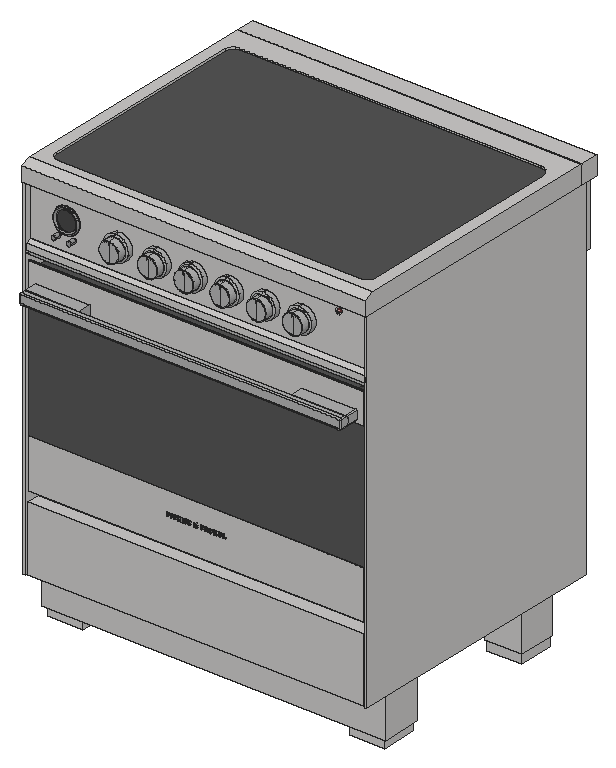
Revit family "FP_Revit_18_OR30SDE6X1_Range_90001005A", category Specialty Equipment, Revit 2018
Family settings
  Round Connector Dimension = Use Diameter
  Part Type = Normal
  OmniClass Number = 23.40.40.14.17.17
  OmniClass Title = Ranges
  Work Plane-Based = No
  Always vertical = Yes
  Cut with Voids When Loaded = Yes
  Shared = No
  Room Calculation Point = No
Parameters
  Visibility - Toe Kick Panel (Optional) = yes
  Visibility - Rear Trim 3"/76mm (Optional) = no
  Visibility - Rear Trim (Supplied) = yes
  Visibility - Clearance Required = yes
  Visibility - Adjustable Feet Covers = yes
  URL = "www.fisherpaykel.com"
  Product - Width = 759 mm  # constant formula
  Product - Height = 915 mm  # constant formula
  Product - Depth = 679.1 mm  # constant formula
  Optional - Toe Kick Panel = "KICKOR30X1"
  Optional - Rear Trim = "TKOR306X1"
  Model = "OR30SDE6X1"
  Material - Trim = Fisher & Paykel - Steel, Chrome Plated
  Material - Handle = Fisher & Paykel - Aluminium
  Material - Glass = Fisher & Paykel - Glass, Black
  Material - Door Front = Fisher & Paykel - Stainless Steel
  Material - Cooktop = Fisher & Paykel - Glass, Black
  Material - Buttons and Dials = Fisher & Paykel - Aluminium
  Material - Body = Fisher & Paykel - Stainless Steel
  Manufacturer = "Fisher & Paykel Appliances"
  Keynote = ""
  Description = "30\" Contemporary Freestanding Glass Ceramic Range (Stainless)"
  Countertop Height (min 908mm - max 933mm) = 915 mm
  Connector Description - Electrical = "120/208 V or 120/240 V, 60 Hz, 50 A, Fused electrical supply"
  Clearance - Side Non-Combustible = 0 mm  # constant formula
  Clearance - Side Combustible = 50 mm  # constant formula
  Clearance - Rear Non-Combustible = 0 mm  # constant formula
  Clearance - Rear Combustible = 50 mm  # constant formula
  Clearance - Overhead Rangehood = 610 mm  # constant formula
  Clearance - Overhead Non-Combustible = 610 mm  # constant formula
  Clearance - Overhead Combustible = 762 mm  # constant formula
  Chassis - Width = 759 mm  # constant formula
  Chassis - Height = 816 mm  # constant formula
  Chassis - Depth = 638 mm  # constant formula
  Cavity - Width = 762 mm  # constant formula
  Cavity - Height = 0 mm  # constant formula
  Cavity - Depth = 641 mm  # constant formula
Reference planes
  plane 1 "Datum": y = 0
  plane 2: z = 0
  plane 3 "Center (Left/Right)": x = 0
  plane 4 "Product Height": z = 923
  plane 5 "Product LHS": x = -379.5
  plane 6 "Product RHS": x = 379.5
  plane 7 "Cavity LHS": x = -381
  plane 8 "Cavity RHS": x = 381
  plane 9 "Product Depth": y = 638
  plane 10 "Cavity Depth": y = 641
  plane 11 "Dials": z = 820.4
  plane 12 "Countertop Height": z = 915
Forms (mm)
  Extrusion 1, solid, material "Fisher & Paykel - Stainless Steel" <- "Material - Body"
    sketch origin (0, 0, 0) x (0, 1, 0) y (0, 0, 1)
      loop
        line (50.7, 883) -> (50.7, 107) -> (603, 107) -> (603, 883) -> (50.7, 883)
    from -374 to 374
  Extrusion 2, solid, material "Fisher & Paykel - Stainless Steel" <- "Material - Body"
    sketch origin (0, 0, 0) x (0, 1, 0) y (0, 0, 1)
      loop
        line (12.5, 883) -> (12.5, 768) -> (50.7, 768) -> (50.7, 883) -> (12.5, 883)
    from -374 to 374
  Extrusion 3, solid, material "Fisher & Paykel - Stainless Steel" <- "Material - Body"
    sketch origin (0, 0, 0) x (0, 1, 0) y (0, 0, 1)
      loop
        line (32, 250.4) -> (2, 250.4) -> (2, 107) -> (32, 107) -> (32, 250.4)
    from -370 to 370
  Extrusion 4, solid, material "Fisher & Paykel - Clearance Required", visible <- "Visibility - Clearance Required", detail levels coarse
    sketch origin (0, 0, 0) x (0, 1, 0) y (0, 0, 1)
      loop
        line (0, 273.2) -> (0, 727.091)
        arc (0, 727.091) -> (-320.949, 594.149) -> (-453.891, 273.2) r 453.891
        line (-453.891, 273.2) -> (0, 273.2)
    from -381 to 381
  Extrusion 5, solid, material "Fisher & Paykel - Clearance Required", visible <- "Visibility - Clearance Required", detail levels coarse
    sketch origin (0, 0, 0) x (0, 1, 0) y (0, 0, 1)
      loop
        line (641, 0) -> (641, 923) -> (0, 923) -> (0, 0) -> (641, 0)
    from -381 to 381
  Extrusion 6, solid, material "Fisher & Paykel - Clearance Required (Combustible)", visible <- "Visibility - Clearance Required", detail levels coarse
    sketch origin (0, 0, 0) x (1, 0, 0) y (0, 1, 0)
      loop
        line (-381, 0) -> (-381, 641) -> (381, 641) -> (381, 0) -> (431, 0) -> (431, 691) -> (-431, 691) -> (-431, 0) -> (-381, 0)
    from 923 to 1380
  Extrusion 7, solid, material "Fisher & Paykel - Clearance Required (Non-Combustible)", visible <- "Visibility - Clearance Required", detail levels coarse
    sketch origin (0, 0, 0) x (1, 0, 0) y (0, 1, 0)
      loop
        line (-381, 0) -> (381, 0) -> (381, 641) -> (-381, 641) -> (-381, 0)
    from 923 to 1533
  Extrusion 8, solid, material "Fisher & Paykel - Clearance Required (Combustible)", visible <- "Visibility - Clearance Required", detail levels coarse
    sketch origin (0, 0, 0) x (1, 0, 0) y (0, 1, 0)
      loop
        line (381, 641) -> (-381, 641) -> (-381, 0) -> (381, 0) -> (381, 641)
    from 1533 to 1685
  Extrusion 9, solid, material "Fisher & Paykel - Clearance Required (Combustible)", visible <- "Visibility - Clearance Required", detail levels coarse
    sketch origin (0, 0, 0) x (1, 0, 0) y (0, 1, 0)
      loop
        line (-431, 0) -> (-381, 0) -> (-381, 311) -> (-431, 311) -> (-431, 0)
      loop
        line (431, 0) -> (431, 311) -> (381, 311) -> (381, 0) -> (431, 0)
    from 1685 to 1380
  Extrusion 10, solid, material "Fisher & Paykel - Stainless Steel" <- "Material - Body"
    sketch origin (0, 0, 0) x (0, 1, 0) y (0, 0, 1)
      loop
        line (0, 883) -> (0, 107) -> (603, 107) -> (603, 883) -> (0, 883)
    from 374 to 379.5
  Extrusion 11, solid, material "Fisher & Paykel - Stainless Steel" <- "Material - Body"
    sketch origin (0, 0, 0) x (0, 1, 0) y (0, 0, 1)
      loop
        line (0, 883) -> (0, 107) -> (603, 107) -> (603, 883) -> (0, 883)
    from -379.5 to -374
  Extrusion 12, solid, material "Fisher & Paykel - Stainless Steel" <- "Material - Body"
    sketch origin (0, 0, 0) x (0, 1, 0) y (0, 0, 1)
      loop
        line (1.349, 748) -> (50.7, 748) -> (50.7, 768) -> (12.5, 768) -> (1.349, 761.562) -> (1.349, 748)
    from -374 to 374
  Extrusion 13, solid, material "Fisher & Paykel - Steel, Chrome Plated" <- "Material - Trim", detail levels fine
    sketch origin (0, 0, 0) x (0, 1, 0) y (0, 0, 1)
      loop
        line (1.349, 743.1) -> (1.349, 741.5) -> (50.7, 741.5) -> (50.7, 743.1) -> (1.349, 743.1)
    from -374 to 374
  Extrusion 14, solid, material "Fisher & Paykel - Stainless Steel" <- "Material - Body"
    sketch origin (0, 0, 0) x (0, 1, 0) y (0, 0, 1)
      loop
        line (-3, 914.9) -> (-3, 883) -> (592, 883) -> (592, 923) -> (17.048, 923) -> (-3, 914.9)
    from -379.5 to 379.5
  Extrusion 15, solid, material "Fisher & Paykel - Stainless Steel" <- "Material - Body", visible <- "Visibility - Adjustable Feet Covers"
    sketch origin (0, 0, 0) x (1, 0, 0) y (0, 1, 0)
      loop
        line (-292.2, 137.7) -> (-374, 137.7) -> (-374, 55.7) -> (-292.2, 55.7) -> (-292.2, 137.7)
      loop
        line (-292.2, 516) -> (-374, 516) -> (-374, 434.3) -> (-292.2, 434.3) -> (-292.2, 516)
      loop
        line (292.2, 137.7) -> (292.2, 55.7) -> (374, 55.7) -> (374, 137.7) -> (292.2, 137.7)
      loop
        line (292.2, 516) -> (292.2, 434.3) -> (374, 434.3) -> (374, 516) -> (292.2, 516)
    from 21.3 to 107
  Extrusion 16, solid, material "Fisher & Paykel - Stainless Steel" <- "Material - Body", visible <- "Visibility - Adjustable Feet Covers"
    sketch origin (0, 0, 0) x (1, 0, 0) y (0, 1, 0)
      loop
        line (-294.2, 514.3) -> (-372.3, 514.3) -> (-372.3, 436.2) -> (-294.2, 436.2) -> (-294.2, 514.3)
      loop
        line (-294.2, 135.8) -> (-372.3, 135.8) -> (-372.3, 57.7) -> (-294.2, 57.7) -> (-294.2, 135.8)
      loop
        line (294.2, 514.3) -> (294.2, 436.2) -> (372.3, 436.2) -> (372.3, 514.3) -> (294.2, 514.3)
      loop
        line (294.2, 135.8) -> (294.2, 57.7) -> (372.3, 57.7) -> (372.3, 135.8) -> (294.2, 135.8)
    from 0 to 21.3
  Extrusion 17, solid, material "Fisher & Paykel - Stainless Steel" <- "Material - Body", visible <- "Visibility - Toe Kick Panel (Optional)"
    sketch origin (0, 0, 0) x (1, 0, 0) y (0, 1, 0)
      loop
        line (-374, 137.7) -> (-379.5, 137.7) -> (-379.5, 50.7) -> (379.5, 50.7) -> (379.5, 137.7) -> (374, 137.7) -> (374, 55.7) -> (-374, 55.7) -> (-374, 137.7)
    from 21.3 to 107
  Extrusion 18, solid, material "Fisher & Paykel - Glass, Black" <- "Material - Glass"
    sketch origin (0, 0, 0) x (1, 0, 0) y (0, 0, 1)
      loop
        line (-370, 272.4) -> (370, 272.4) -> (370, 727.6) -> (-370, 727.6) -> (-370, 272.4)
    from -8.9 to -4.9
  Extrusion 19, solid, material "Fisher & Paykel - Glass, Black" <- "Material - Glass"
    sketch origin (0, 0, 0) x (0, 1, 0) y (0, 0, 1)
      loop
        line (8.9, 725.037) -> (8.9, 272.4) -> (50.7, 272.4) -> (50.7, 720.644) -> (8.9, 725.037)
    from -350 to 350
  Extrusion 20, void
    sketch origin (0, 0, 0) x (1, 0, 0) y (0, 1, 0)
      loop
        arc (-333.8, 543) -> (-347.942, 537.142) -> (-353.8, 523) r 20
        line (-353.8, 523) -> (-353.8, 58.351)
        arc (-353.8, 58.351) -> (-347.942, 44.209) -> (-333.8, 38.351) r 20
        line (-333.8, 38.351) -> (333.8, 38.351)
        arc (333.8, 38.351) -> (347.942, 44.209) -> (353.8, 58.351) r 20
        line (353.8, 58.351) -> (353.8, 516.8)
        arc (353.8, 516.8) -> (346.126, 535.326) -> (327.6, 543) r 26.2
        line (327.6, 543) -> (-333.8, 543)
    from 883 to 923
  Extrusion 21, solid, material "Fisher & Paykel - Stainless Steel" <- "Material - Body", visible <- "Visibility - Rear Trim (Supplied)"
    sketch origin (0, 0, 0) x (0, 1, 0) y (0, 0, 1)
      loop
        line (592, 923) -> (592, 883) -> (633, 883) -> (633, 923) -> (592, 923)
    from -379.5 to 379.5
  Extrusion 22, void
    sketch origin (0, 0, 0) x (1, 0, 0) y (0, 0, 1)
      loop
        line (293.3, 307) -> (293.3, 155.9) -> (-366.5, 155.9) -> (-366.5, 99) -> (366.5, 99) -> (366.5, 307) -> (293.3, 307)
    from -603 to -528
  Extrusion 23, solid, material "Fisher & Paykel - Stainless Steel" <- "Material - Body", detail levels fine
    sketch origin (0, 0, 0) x (1, 0, 0) y (0, 1, 0)
      loop
        line (-205.048, 573.322) -> (-205.048, 537.488) -> (-155.824, 537.488) -> (-155.824, 573.322) -> (-205.048, 573.322)
    from 143.4 to 155.9
  Extrusion 24, solid, material "Fisher & Paykel - Stainless Steel" <- "Material - Body", detail levels medium+fine
    sketch origin (0, 0, 0) x (1, 0, 0) y (0, 1, 0)
      loop
        circle (-149.108, 543.3) r 6
    from 113 to 155.9
  Extrusion 25, solid, material "Fisher & Paykel - Stainless Steel"
    sketch origin (0, 0, 0) x (1, 0, 0) y (0, 0, 1)
      loop
        circle (-358, 897) r 4.009
      loop
        circle (-358, 897) r 7.491
      loop
        circle (358, 897) r 4.009
      loop
        circle (358, 897) r 7.491
    from -638 to -633
  Extrusion 26, solid, material "Fisher & Paykel - Stainless Steel" <- "Material - Body"
    sketch origin (0, 0, 0) x (1, 0, 0) y (0, 0, 1)
      loop
        line (365.45, 732) -> (365.45, 883) -> (-365.45, 883) -> (-365.45, 732) -> (365.45, 732)
    from -633 to -603
  Extrusion 27, solid, material "Fisher & Paykel - Stainless Steel" <- "Material - Body"
    sketch origin (0, 0, 0) x (0, 1, 0) y (0, 0, 1)
      loop
        line (641, 159) -> (634.5, 159) -> (603.768, 13.3) -> (486.3, 13.3) -> (486.3, 0) -> (641, 0) -> (641, 159)
    from -27 to 27
  Extrusion 28, solid, material "Fisher & Paykel - Stainless Steel" <- "Material - Body"
    sketch origin (0, 0, 0) x (1, 0, 0) y (0, 1, 0)
      loop
        circle (0, 514.362) r 4.977
    from 13.3 to 50.9
  Extrusion 29, solid, material "Fisher & Paykel - Stainless Steel" <- "Material - Body", visible <- "Visibility - Rear Trim 3"/76mm (Optional)"
    sketch origin (0, 0, 0) x (0, 1, 0) y (0, 0, 1)
      loop
        line (633, 883) -> (633, 999) -> (581.8, 999) -> (581.8, 923) -> (592, 923) -> (592, 883) -> (633, 883)
    from -379.5 to 379.5
  Extrusion 30, solid, material "Fisher & Paykel - Stainless Steel" <- "Material - Body"
    sketch origin (0, 0, 0) x (1, 0, 0) y (0, 1, 0)
      loop
        circle (-333.1, 96.6) r 25
      loop
        circle (-333.15, 475.15) r 25
      loop
        circle (333.1, 96.6) r 25
      loop
        circle (333.15, 475.15) r 25
    from 0 to 107
  Extrusion 31, solid, material "Fisher & Paykel - Stainless Steel" <- "Material - Body"
    sketch origin (0, 0, 0) x (0, 1, 0) y (0, 0, 1)
      loop
        line (528, 107) -> (509.5, 107) -> (509.5, 50.9) -> (528, 50.9) -> (528, 107)
    from -27 to 27
  Revolve 32, void
    sketch origin (308.5, 0, 0) x (0, 1, 0) y (0, 0, 1)
      loop
        line (14.44, 867.737) -> (12.5, 869.677) -> (12.5, 862.456) -> (19.44, 862.456) -> (19.44, 867.737) -> (14.44, 867.737)
      axis (19.44, 862.456) -> (12.5, 862.456)
    angle from 0 to 360
  Extrusion 33, solid, material "Fisher & Paykel - Bezel Red", detail levels medium+fine
    sketch origin (0, 0, 0) x (1, 0, 0) y (0, 0, 1)
      loop
        circle (308.5, 862.456) r 5.281
    from -19.44 to -14.44
  Extrusion 34, solid, material "Fisher & Paykel - Stainless Steel" <- "Material - Door Front"
    sketch origin (0, 0, 0) x (0, 1, 0) y (0, 0, 1)
      loop
        line (3, 727.6) -> (3, 661.7) -> (4.9, 661.7) -> (4.9, 727.6) -> (3, 727.6)
      loop
        line (3, 380.5) -> (3, 272.4) -> (4.9, 272.4) -> (4.9, 380.5) -> (3, 380.5)
    from -370 to 370
  Extrusion 35, solid, material "Fisher & Paykel - Glass, Black" <- "Material - Cooktop"
    sketch origin (0, 0, 0) x (1, 0, 0) y (0, 1, 0)
      loop
        arc (-333.8, 543) -> (-347.942, 537.142) -> (-353.8, 523) r 20
        line (-353.8, 523) -> (-353.8, 58.351)
        arc (-353.8, 58.351) -> (-347.942, 44.209) -> (-333.8, 38.351) r 20
        line (-333.8, 38.351) -> (333.8, 38.351)
        arc (333.8, 38.351) -> (347.942, 44.209) -> (353.8, 58.351) r 20
        line (353.8, 58.351) -> (353.8, 523)
        arc (353.8, 523) -> (347.942, 537.142) -> (333.8, 543) r 20
        line (333.8, 543) -> (-333.8, 543)
    from 883 to 920
  Extrusion 36, void
    sketch origin (0, 0, 0) x (0, 1, 0) y (0, 0, 1)
      loop
        line (641, 0) -> (641, 923) -> (-40, 923) -> (-40, 0) -> (641, 0)
    from -381 to 381
Cuts and joins
  Extrusion 20, Extrusion 22 cuts Extrusion 1
  Extrusion 20, Revolve 32 cuts Extrusion 5
  Extrusion 20 cuts Extrusion 15
  Extrusion 20 cuts Extrusion 16
  Extrusion 20 cuts Extrusion 17
  Extrusion 20 cuts Extrusion 14
  Revolve 32 cuts Extrusion 2
Lines and regions (mm)
  model lines
    curve 1: line (0, -18.2, 820.4) -> (0, 96.8, 820.4)
Text (mm)
  text "Due to ongoing product development, product details are subject to change without notice. \nPlease always refer to www.fisherpaykel.com for the most current product information. \n© Fisher & Paykel 2020" at (41.04, -526.661, 0), in view "Ref. Level (Plan)"
Dimensions and locks
  equal spacing: plane 5 "Product LHS", plane 3 "Center (Left/Right)", plane 6 "Product RHS"
  "Product - Width": plane 5 "Product LHS" to plane 6 "Product RHS"
  equal spacing: plane 7 "Cavity LHS", plane 3 "Center (Left/Right)", plane 8 "Cavity RHS"
  "Cavity - Width": plane 7 "Cavity LHS" to plane 8 "Cavity RHS"
  locked: plane 4 "Product Height" to nested 1 at 592.497
  "Chassis - Depth": plane 1 "Datum" to plane 9 "Product Depth"
  "Cavity - Depth": plane 1 "Datum" to plane 10 "Cavity Depth"
  "Clearance - Side Combustible": Extrusion 6 sketch curve to Extrusion 5
  "Clearance - Side Combustible": Extrusion 5 to Extrusion 6 sketch curve
  "Clearance - Rear Combustible": plane 10 "Cavity Depth" to Extrusion 6 sketch curve
  Extrusion 6 to plane 4 "Product Height" = 457 mm
  Extrusion 7 to plane 4 "Product Height" = 610 mm
  Extrusion 8 to plane 4 "Product Height" = 762 mm
  Extrusion 9 sketch curve to plane 10 "Cavity Depth" = 330 mm
  "Clearance - Side Combustible": Extrusion 8 to Extrusion 6
  "Clearance - Side Combustible": Extrusion 6 to Extrusion 8
  "Clearance - Rear Combustible": Extrusion 6 to Extrusion 8
  locked: Extrusion 6 to plane 4 "Product Height" at 457
  "Clearance - Overhead Combustible": Extrusion 8 to plane 4 "Product Height"
  Extrusion 9 to Extrusion 8 = 330 mm
  locked: plane 4 "Product Height" to Extrusion 10 at 40
  Extrusion 15 sketch curve to plane 6 "Product RHS" = 87.3 mm
  plane 5 "Product LHS" to Extrusion 15 sketch curve = 87.3 mm
  locked: plane 5 "Product LHS" to Extrusion 11 at 5.5
  locked: Extrusion 10 to plane 6 "Product RHS" at 5.5
  locked: plane 4 "Product Height" to Extrusion 10 at 816
  locked: plane 4 "Product Height" to Extrusion 3 at 672.6  (x2)
  locked: plane 4 "Product Height" to Extrusion 12 at 175
  locked: plane 4 "Product Height" to Extrusion 12 at 155
  equal spacing: cut or joined group of Extrusion 14, Extrusion 20, plane 3 "Center (Left/Right)", cut or joined group of Extrusion 14, Extrusion 20
  plane 4 "Product Height" to Extrusion 26 = 191 mm
  locked: Extrusion 6 to plane 11 "Dials" at 102.6
  locked: nested 8 to plane 11 "Dials" at 10.019
  locked: plane 4 "Product Height" to Extrusion 13 at 179.9
  Extrusion 12 to plane 4 "Product Height" = 175 mm
  locked: Extrusion 26 to plane 4 "Product Height" at 191
  locked: plane 4 "Product Height" to cut or joined group of Extrusion 1, Extrusion 20, Extrusion 22 at 616
  locked: plane 4 "Product Height" to plane 11 "Dials" at 102.6
  plane 4 "Product Height" to Extrusion 10 = 816 mm
  locked: Extrusion 19 to plane 4 "Product Height" at 650.6
  locked: cut or joined group of Extrusion 1, Extrusion 20, Extrusion 22 to plane 11 "Dials" at 713.4
  locked: cut or joined group of Extrusion 1, Extrusion 20, Extrusion 22 to cut or joined group of Extrusion 1, Extrusion 20, Extrusion 22 at 48.9
  locked: cut or joined group of Extrusion 1, Extrusion 20, Extrusion 22 to Extrusion 23 at 163.6
  locked: cut or joined group of Extrusion 1, Extrusion 20, Extrusion 22 to Extrusion 24 at 194
  Extrusion 8 to Extrusion 9 = 311 mm
  locked: cut or joined group of Extrusion 17, Extrusion 20 to Extrusion 10 at 85.7
  cut or joined group of Extrusion 15, Extrusion 20 to Extrusion 10 = 85.7 mm
  Extrusion 10 to Extrusion 4 = 166.2 mm
  locked: Extrusion 10 to Extrusion 4 at 166.2
  Extrusion 21 to plane 4 "Product Height" = 0 mm
  locked: plane 4 "Product Height" to plane 12 "Countertop Height" at 8
  "Countertop Height (min 908mm - max 933mm)": level to plane 12 "Countertop Height"
  locked: Extrusion 27 to level at 159
  locked: Extrusion 31 to Extrusion 10 at 56.1
  locked: plane 4 "Product Height" to nested 9 at 234.693
  locked: nested 7 to plane 11 "Dials" at 27.732
  locked: nested 6 to plane 11 "Dials" at 27.732
  locked: nested 5 to plane 11 "Dials" at 27.732
  locked: nested 4 to plane 11 "Dials" at 27.732
  locked: nested 3 to plane 11 "Dials" at 27.732
  locked: nested 2 to plane 11 "Dials" at 27.732
  locked: plane 4 "Product Height" to Extrusion 34 at 542.5
  locked: Extrusion 34 to plane 4 "Product Height" at 261.3
  locked: Extrusion 18 to plane 4 "Product Height" at 650.6
  locked: plane 4 "Product Height" to Extrusion 35 at 3
  locked: plane 4 "Product Height" to Extrusion 35 at 40
  "Clearance - Overhead Non-Combustible": Extrusion 6 to Extrusion 8
  "Product - Depth": nested 9 to plane 9 "Product Depth"
  aligned and locked: level to plane 2
  aligned and locked: Extrusion 5 sketch curve to plane 4 "Product Height"
  aligned and locked: Extrusion 5 to plane 8 "Cavity RHS"
  aligned and locked: Extrusion 5 to plane 7 "Cavity LHS"
  aligned and locked: Extrusion 6 sketch curve to plane 8 "Cavity RHS"
  aligned and locked: Extrusion 6 sketch curve to plane 7 "Cavity LHS"
  aligned and locked: Extrusion 5 to Extrusion 7 sketch curve
  aligned and locked: Extrusion 8 sketch curve to Extrusion 5
  aligned and locked: Extrusion 5 to Extrusion 8 sketch curve
  aligned and locked: Extrusion 9 sketch curve to Extrusion 9 sketch curve
  aligned and locked: Extrusion 5 to Extrusion 9 sketch curve
  aligned and locked: Extrusion 2 to cut or joined group of Extrusion 1, Extrusion 20, Extrusion 22
  aligned and locked: cut or joined group of Extrusion 1, Extrusion 20, Extrusion 22 to Extrusion 2
  aligned and locked: Extrusion 10 sketch curve to plane 1 "Datum"
  aligned and locked: Extrusion 10 to plane 6 "Product RHS"
  aligned and locked: plane 5 "Product LHS" to Extrusion 11
  aligned and locked: cut or joined group of Extrusion 1, Extrusion 20, Extrusion 22 to Extrusion 15 sketch curve  (x2)
  aligned and locked: Extrusion 15 sketch curve to cut or joined group of Extrusion 1, Extrusion 20, Extrusion 22
  aligned and locked: Extrusion 15 sketch curve to Extrusion 15 sketch curve
  aligned and locked: Extrusion 2 to Extrusion 11
  aligned and locked: Extrusion 2 to Extrusion 12
  aligned and locked: Extrusion 2 to Extrusion 13
  aligned and locked: Extrusion 2 to Extrusion 10
  aligned and locked: Extrusion 12 to Extrusion 2
  aligned and locked: Extrusion 13 to Extrusion 2
  aligned and locked: Extrusion 15 to cut or joined group of Extrusion 1, Extrusion 20, Extrusion 22
  aligned and locked: Extrusion 3 to cut or joined group of Extrusion 1, Extrusion 20, Extrusion 22
  aligned and locked: Extrusion 16 to level
  aligned and locked: Extrusion 16 to Extrusion 15
  aligned and locked: plane 5 "Product LHS" to Extrusion 17 sketch curve
  aligned and locked: Extrusion 17 sketch curve to cut or joined group of Extrusion 1, Extrusion 20, Extrusion 22  (x2)
  aligned and locked: Extrusion 17 sketch curve to Extrusion 15
  aligned and locked: Extrusion 17 sketch curve to Extrusion 2
  aligned and locked: Extrusion 17 sketch curve to plane 6 "Product RHS"
  aligned and locked: Extrusion 17 to cut or joined group of Extrusion 1, Extrusion 20, Extrusion 22
  aligned and locked: plane 4 "Product Height" to Extrusion 20
  aligned and locked: Extrusion 21 to plane 6 "Product RHS"
  aligned and locked: plane 5 "Product LHS" to Extrusion 21
  aligned and locked: Extrusion 25 to plane 9 "Product Depth"
  aligned and locked: Extrusion 4 to plane 8 "Cavity RHS"
  aligned and locked: plane 7 "Cavity LHS" to Extrusion 4
  aligned and locked: Extrusion 11 to cut or joined group of Extrusion 1, Extrusion 20, Extrusion 22
  aligned and locked: Extrusion 17 to cut or joined group of Extrusion 15, Extrusion 20
  aligned and locked: cut or joined group of Extrusion 1, Extrusion 20, Extrusion 22 to Extrusion 23
  aligned and locked: cut or joined group of Extrusion 1, Extrusion 20, Extrusion 22 to Extrusion 24
  aligned and locked: Extrusion 7 to plane 10 "Cavity Depth"
  aligned and locked: Extrusion 6 sketch curve to plane 10 "Cavity Depth"
  aligned and locked: Extrusion 14 to plane 5 "Product LHS"
  aligned and locked: Extrusion 14 to plane 6 "Product RHS"
  aligned and locked: Extrusion 28 to Extrusion 27
  aligned and locked: Extrusion 21 to cut or joined group of Extrusion 1, Extrusion 20, Extrusion 22
  aligned and locked: Extrusion 2 to Extrusion 21
  aligned and locked: Extrusion 26 to Extrusion 21
  aligned and locked: plane 5 "Product LHS" to Extrusion 29
  aligned and locked: Extrusion 30 to level
  aligned and locked: Extrusion 30 to cut or joined group of Extrusion 1, Extrusion 20, Extrusion 22
  aligned and locked: Extrusion 28 to Extrusion 31
  aligned and locked: Extrusion 7 to plane 4 "Product Height"
  aligned and locked: Extrusion 9 to Extrusion 6  (x2)
  aligned and locked: Extrusion 8 to Extrusion 9
  aligned and locked: Extrusion 5 to level
  aligned and locked: Extrusion 35 to cut or joined group of Extrusion 5, Extrusion 20, Revolve 32
  aligned and locked: Extrusion 7 to Extrusion 8
  aligned and locked: Extrusion 6 to Extrusion 9
Automatic sketch dimensions
  plane 11 "Dials" to curve 1 = 0 mm
  plane 1 "Datum" to curve 1 = 18.2 mm
  curve 1 to plane 1 "Datum" = 96.8 mm
  Extrusion 1 sketch curve to plane 1 "Datum" = 50.7 mm
  plane 9 "Product Depth" to Extrusion 1 sketch curve = 35 mm
  level to Extrusion 1 sketch curve = 107 mm
  plane 12 "Countertop Height" to Extrusion 1 sketch curve = 32 mm
  Extrusion 2 sketch curve to plane 1 "Datum" = 12.5 mm
  Extrusion 2 sketch curve to Extrusion 2 sketch curve = 38.2 mm
  plane 11 "Dials" to Extrusion 2 sketch curve = 52.4 mm
  plane 12 "Countertop Height" to Extrusion 2 sketch curve = 32 mm
  Extrusion 3 sketch curve to plane 1 "Datum" = 2 mm
  Extrusion 3 sketch curve to Extrusion 3 sketch curve = 30 mm
  level to Extrusion 3 sketch curve = 107 mm
  Extrusion 3 sketch curve to Extrusion 3 sketch curve = 143.4 mm
  Extrusion 4 sketch curve to plane 1 "Datum" = 0 mm
  plane 1 "Datum" to Extrusion 4 sketch curve = 453.891 mm
  level to Extrusion 4 sketch curve = 273.2 mm
  Extrusion 5 sketch curve to level = 0 mm
  Extrusion 5 sketch curve to plane 1 "Datum" = 0 mm
  Extrusion 5 sketch curve to plane 10 "Cavity Depth" = 0 mm
  Extrusion 7 sketch curve to plane 8 "Cavity RHS" = 0 mm
  plane 1 "Datum" to Extrusion 7 sketch curve = 0 mm
  plane 10 "Cavity Depth" to Extrusion 7 sketch curve = 0 mm
  Extrusion 8 sketch curve to plane 7 "Cavity LHS" = 0 mm
  plane 1 "Datum" to Extrusion 8 sketch curve = 0 mm
  plane 1 "Datum" to Extrusion 9 sketch curve = 0 mm  (x2)
  Extrusion 9 sketch curve to plane 7 "Cavity LHS" = 0 mm
  plane 7 "Cavity LHS" to Extrusion 9 sketch curve = 50 mm
  Extrusion 9 sketch curve to plane 8 "Cavity RHS" = 50 mm
  plane 9 "Product Depth" to Extrusion 10 sketch curve = 35 mm
  level to Extrusion 10 sketch curve = 107 mm
  plane 12 "Countertop Height" to Extrusion 10 sketch curve = 32 mm
  Extrusion 11 sketch curve to plane 1 "Datum" = 0 mm
  plane 9 "Product Depth" to Extrusion 11 sketch curve = 35 mm
  level to Extrusion 11 sketch curve = 107 mm
  plane 12 "Countertop Height" to Extrusion 11 sketch curve = 32 mm
  Extrusion 12 sketch curve to plane 1 "Datum" = 1.349 mm
  Extrusion 12 sketch curve to plane 1 "Datum" = 12.5 mm
  Extrusion 12 sketch curve to Extrusion 12 sketch curve = 38.2 mm
  plane 11 "Dials" to Extrusion 12 sketch curve = 72.4 mm
  Extrusion 12 sketch curve to Extrusion 12 sketch curve = 13.562 mm
  Extrusion 12 sketch curve to Extrusion 12 sketch curve = 6.438 mm
  Extrusion 13 sketch curve to plane 1 "Datum" = 1.349 mm
  Extrusion 13 sketch curve to Extrusion 13 sketch curve = 49.351 mm
  plane 11 "Dials" to Extrusion 13 sketch curve = 78.9 mm
  Extrusion 13 sketch curve to Extrusion 13 sketch curve = 1.6 mm
  Extrusion 14 sketch curve to plane 4 "Product Height" = 0 mm
  plane 12 "Countertop Height" to Extrusion 14 sketch curve = 0.1 mm
  plane 1 "Datum" to Extrusion 14 sketch curve = 3 mm
  Extrusion 14 sketch curve to plane 1 "Datum" = 17.048 mm
  plane 9 "Product Depth" to Extrusion 14 sketch curve = 46 mm
  plane 12 "Countertop Height" to Extrusion 14 sketch curve = 32 mm
  Extrusion 15 sketch curve to Extrusion 15 sketch curve = 81.8 mm  (x2)
  Extrusion 15 sketch curve to plane 1 "Datum" = 55.7 mm  (x2)
  Extrusion 15 sketch curve to Extrusion 15 sketch curve = 82 mm  (x2)
  plane 9 "Product Depth" to Extrusion 15 sketch curve = 203.7 mm  (x2)
  Extrusion 15 sketch curve to Extrusion 15 sketch curve = 81.7 mm  (x2)
  Extrusion 16 sketch curve to plane 5 "Product LHS" = 7.2 mm  (x2)
  Extrusion 16 sketch curve to Extrusion 16 sketch curve = 78.1 mm  (x6)
  plane 6 "Product RHS" to Extrusion 16 sketch curve = 85.3 mm  (x2)
  plane 6 "Product RHS" to Extrusion 16 sketch curve = 7.2 mm  (x2)
  Extrusion 16 sketch curve to plane 1 "Datum" = 57.7 mm  (x2)
  plane 9 "Product Depth" to Extrusion 16 sketch curve = 201.8 mm  (x2)
  Extrusion 17 sketch curve to Extrusion 17 sketch curve = 82 mm  (x2)
  Extrusion 18 sketch curve to plane 5 "Product LHS" = 9.5 mm
  plane 6 "Product RHS" to Extrusion 18 sketch curve = 9.5 mm
  level to Extrusion 18 sketch curve = 272.4 mm
  plane 11 "Dials" to Extrusion 18 sketch curve = 92.8 mm
  Extrusion 19 sketch curve to plane 1 "Datum" = 8.9 mm
  Extrusion 19 sketch curve to Extrusion 19 sketch curve = 41.8 mm
  level to Extrusion 19 sketch curve = 272.4 mm
  plane 11 "Dials" to Extrusion 19 sketch curve = 99.756 mm
  Extrusion 19 sketch curve to Extrusion 19 sketch curve = 4.393 mm
  Extrusion 20 sketch curve to plane 5 "Product LHS" = 25.7 mm
  Extrusion 20 sketch curve to Extrusion 20 sketch curve = 20 mm  (x2)
  plane 6 "Product RHS" to Extrusion 20 sketch curve = 51.9 mm
  plane 6 "Product RHS" to Extrusion 20 sketch curve = 45.7 mm
  plane 6 "Product RHS" to Extrusion 20 sketch curve = 25.7 mm
  Extrusion 20 sketch curve to plane 1 "Datum" = 38.351 mm
  plane 9 "Product Depth" to Extrusion 20 sketch curve = 121.2 mm
  Extrusion 21 sketch curve to plane 4 "Product Height" = 0 mm
  plane 9 "Product Depth" to Extrusion 21 sketch curve = 46 mm
  plane 9 "Product Depth" to Extrusion 21 sketch curve = 5 mm
  plane 12 "Countertop Height" to Extrusion 21 sketch curve = 32 mm
  Extrusion 22 sketch curve to plane 5 "Product LHS" = 13 mm
  plane 6 "Product RHS" to Extrusion 22 sketch curve = 86.2 mm
  plane 6 "Product RHS" to Extrusion 22 sketch curve = 13 mm
  level to Extrusion 22 sketch curve = 99 mm
  Extrusion 22 sketch curve to Extrusion 22 sketch curve = 56.9 mm
  Extrusion 22 sketch curve to Extrusion 22 sketch curve = 151.1 mm
  Extrusion 23 sketch curve to plane 5 "Product LHS" = 174.452 mm
  Extrusion 23 sketch curve to Extrusion 23 sketch curve = 49.224 mm
  plane 9 "Product Depth" to Extrusion 23 sketch curve = 100.512 mm
  Extrusion 23 sketch curve to Extrusion 23 sketch curve = 35.835 mm
  Extrusion 24 sketch curve to plane 3 "Center (Left/Right)" = 149.108 mm
  plane 9 "Product Depth" to Extrusion 24 sketch curve = 94.7 mm
  Extrusion 25 sketch curve to Extrusion 25 sketch curve = 0 mm  (x4)
  Extrusion 25 sketch curve to plane 5 "Product LHS" = 21.5 mm
  plane 6 "Product RHS" to Extrusion 25 sketch curve = 21.5 mm
  plane 12 "Countertop Height" to Extrusion 25 sketch curve = 18 mm  (x2)
  Extrusion 26 sketch curve to plane 5 "Product LHS" = 14.05 mm
  plane 6 "Product RHS" to Extrusion 26 sketch curve = 14.05 mm
  plane 11 "Dials" to Extrusion 26 sketch curve = 88.4 mm
  plane 12 "Countertop Height" to Extrusion 26 sketch curve = 32 mm
  Extrusion 27 sketch curve to level = 0 mm
  Extrusion 27 sketch curve to plane 10 "Cavity Depth" = 0 mm
  plane 9 "Product Depth" to Extrusion 27 sketch curve = 3.5 mm
  level to Extrusion 27 sketch curve = 13.3 mm
  plane 9 "Product Depth" to Extrusion 27 sketch curve = 34.232 mm
  Extrusion 27 sketch curve to Extrusion 27 sketch curve = 117.468 mm
  Extrusion 27 sketch curve to Extrusion 27 sketch curve = 145.7 mm
  Extrusion 28 sketch curve to plane 3 "Center (Left/Right)" = 0 mm
  plane 9 "Product Depth" to Extrusion 28 sketch curve = 123.638 mm
  Extrusion 29 sketch curve to plane 4 "Product Height" = 0 mm
  plane 9 "Product Depth" to Extrusion 29 sketch curve = 56.2 mm
  Extrusion 29 sketch curve to Extrusion 29 sketch curve = 10.2 mm
  plane 9 "Product Depth" to Extrusion 29 sketch curve = 5 mm
  plane 12 "Countertop Height" to Extrusion 29 sketch curve = 32 mm
  plane 4 "Product Height" to Extrusion 29 sketch curve = 76 mm
  Extrusion 30 sketch curve to plane 5 "Product LHS" = 46.35 mm
  Extrusion 30 sketch curve to plane 5 "Product LHS" = 46.4 mm
  plane 6 "Product RHS" to Extrusion 30 sketch curve = 46.4 mm
  plane 6 "Product RHS" to Extrusion 30 sketch curve = 46.35 mm
  Extrusion 30 sketch curve to plane 1 "Datum" = 96.6 mm  (x2)
  plane 9 "Product Depth" to Extrusion 30 sketch curve = 162.85 mm  (x2)
  plane 9 "Product Depth" to Extrusion 31 sketch curve = 128.5 mm
  Extrusion 31 sketch curve to Extrusion 31 sketch curve = 18.5 mm
  level to Extrusion 31 sketch curve = 50.9 mm
  Extrusion 31 sketch curve to Extrusion 31 sketch curve = 56.1 mm
  Revolve 32 sketch curve to plane 1 "Datum" = 12.5 mm
  Revolve 32 sketch curve to Revolve 32 sketch curve = 1.94 mm  (x2)
  Revolve 32 sketch curve to Revolve 32 sketch curve = 5 mm
  Revolve 32 sketch curve to plane 11 "Dials" = 42.056 mm
  Revolve 32 sketch curve to Revolve 32 sketch curve = 5.281 mm
  Revolve 32 sketch curve to Revolve 32 sketch curve = 3.206 mm
  Revolve 32 sketch curve to Revolve 32 sketch curve = 0 mm  (x2)
  plane 6 "Product RHS" to Extrusion 33 sketch curve = 71 mm
  Extrusion 33 sketch curve to plane 11 "Dials" = 42.056 mm
  Extrusion 34 sketch curve to plane 1 "Datum" = 3 mm  (x2)
  Extrusion 34 sketch curve to Extrusion 34 sketch curve = 1.9 mm  (x2)
  level to Extrusion 34 sketch curve = 272.4 mm
  Extrusion 34 sketch curve to Extrusion 34 sketch curve = 108.1 mm
  plane 11 "Dials" to Extrusion 34 sketch curve = 158.7 mm
  Extrusion 34 sketch curve to Extrusion 34 sketch curve = 65.9 mm
  Extrusion 35 sketch curve to plane 5 "Product LHS" = 25.7 mm
  Extrusion 35 sketch curve to Extrusion 35 sketch curve = 20 mm  (x3)
  plane 6 "Product RHS" to Extrusion 35 sketch curve = 45.7 mm  (x2)
  Extrusion 35 sketch curve to plane 1 "Datum" = 38.351 mm
  plane 9 "Product Depth" to Extrusion 35 sketch curve = 115 mm
  Extrusion 36 sketch curve to level = 0 mm
  plane 1 "Datum" to Extrusion 36 sketch curve = 40 mm
  Extrusion 36 sketch curve to plane 4 "Product Height" = 0 mm
  Extrusion 36 sketch curve to plane 10 "Cavity Depth" = 0 mm
  plane 1 "Datum" to Extrusion 6 sketch curve = 0 mm  (x2)
  radius of Extrusion 24 sketch curve = 6 mm
  radius of Extrusion 25 sketch curve = 4.009 mm  (x2)
  radius of Extrusion 25 sketch curve = 7.491 mm  (x2)
  radius of Extrusion 28 sketch curve = 4.977 mm
  radius of Extrusion 30 sketch curve = 25 mm  (x4)
  radius of Extrusion 33 sketch curve = 5.281 mm
Nested families
  nested 1: "F&P Logo 130mm" at (0, 2.9, 330.503), type "F&P Logo 130mm"
  nested 2: "F&P Dial Range Contemporary" at (228.5, 12.5, 820.4), type "F&P Dial Range Contemporary"
  nested 3: "F&P Dial Range Contemporary" at (148.5, 12.5, 820.4), type "F&P Dial Range Contemporary"
  nested 4: "F&P Dial Range Contemporary" at (68.5, 12.5, 820.4), type "F&P Dial Range Contemporary"
  nested 5: "F&P Dial Range Contemporary" at (-11.5, 12.5, 820.4), type "F&P Dial Range Contemporary"
  nested 6: "F&P Dial Range Contemporary" at (-91.5, 12.5, 820.4), type "F&P Dial Range Contemporary"
  nested 7: "F&P Dial Range Contemporary" at (-176.5, 12.5, 820.4), type "F&P Dial Range Contemporary"
  nested 8: "F&P Clock TFT Range" at (-292.5, 12.5, 830.419), type "F&P Clock TFT Range"
  nested 9: "F&P Handle Contemporary OR30-36" at (0, -1.6, -30.355), type "30""
Connectors
  electrical at (-149.108, 543.3, 113), driven by "Connector Description - Electrical"
    settings: on Extrusion 24, index 1, voltage 120 V, apparent load 0 VA, apparent load phase1 0 VA, apparent load phase2 0 VA, apparent load phase3 0 VA, power factor 1, load classification "Other", number of poles 2, system type 30, power factor state 1, is connector primary yes, connector utility no, sub classification motor no, connector description "120/208 V or 120/240 V, 60 Hz, 50 A, Fused electrical supply"
Definition of nested family "F&P Logo 130mm"
  Parameters (values of type "F&P Logo 130mm")
    URL = "www.fisherpaykel.com"
    Material - Logo = none
    Manufacturer = "Fisher & Paykel Appliances"
  Reference planes
    plane 1 "Center (Front/Back)": y = 0
    plane 2: z = 0
    plane 3 "Center (Left/Right)": x = 0
  Forms (mm)
    Extrusion 1, solid, material <- "Material - Logo", detail levels fine
      sketch origin (0, 0, 0) x (1, 0, 0) y (0, 0, 1)
        loop
          line (-64.995, 0) -> (-62.949, 0) -> (-62.949, 2.779) -> (-59.752, 2.779) -> (-59.752, 4.514) -> (-62.949, 4.514) -> (-62.949, 6.125) -> (-59.47, 6.125) -> (-59.47, 7.852) -> (-64.995, 7.852) -> (-64.995, 0)
        loop
          line (-55.583, 7.852) -> (-55.583, 0) -> (-53.537, 0) -> (-53.537, 7.852) -> (-55.583, 7.852)
        loop
          line (-39.879, 7.852) -> (-39.879, 0) -> (-37.834, 0) -> (-37.834, 3.146) -> (-34.828, 3.146) -> (-34.828, 0) -> (-32.782, 0) -> (-32.782, 7.852) -> (-34.828, 7.852) -> (-34.828, 4.872) -> (-37.834, 4.872) -> (-37.834, 7.852) -> (-39.879, 7.852)
        loop
          line (-28.416, 7.852) -> (-28.416, 0) -> (-22.821, 0) -> (-22.821, 1.727) -> (-26.388, 1.727) -> (-26.388, 3.146) -> (-23.128, 3.146) -> (-23.128, 4.872) -> (-26.388, 4.872) -> (-26.388, 6.125) -> (-22.821, 6.125) -> (-22.821, 7.852) -> (-28.416, 7.852)
        loop
          line (59.429, 7.852) -> (59.429, 0) -> (65.005, 0) -> (65.005, 1.727) -> (61.476, 1.727) -> (61.476, 7.852) -> (59.429, 7.852)
        loop
          line (55.223, 7.852) -> (49.609, 7.852) -> (49.609, 0) -> (55.223, 0) -> (55.223, 1.727) -> (51.655, 1.727) -> (51.655, 3.146) -> (54.916, 3.146) -> (54.916, 4.872) -> (51.655, 4.872) -> (51.655, 6.125) -> (55.223, 6.125) -> (55.223, 7.852)
        loop
          line (43.548, 4.092) -> (46.45, 7.852) -> (44.059, 7.852) -> (41.552, 4.604) -> (41.552, 7.852) -> (39.507, 7.852) -> (39.507, 0) -> (41.552, 0) -> (41.552, 3.517) -> (44.136, 0) -> (46.554, 0) -> (43.548, 4.092)
        loop
          line (28.637, 7.852) -> (31.604, 3.146) -> (31.604, 0) -> (33.65, 0) -> (33.65, 3.043) -> (36.617, 7.852) -> (34.443, 7.852) -> (32.692, 4.819) -> (30.941, 7.852) -> (28.637, 7.852)
        loop
          line (24.085, 7.852) -> (22.141, 7.852) -> (18.943, 0) -> (20.952, 0) -> (21.514, 1.445) -> (24.66, 1.445) -> (25.223, 0) -> (27.282, 0) -> (24.085, 7.852)
        loop
          line (23.982, 3.171) -> (23.064, 5.426) -> (22.186, 3.171) -> (23.982, 3.171)
        loop
          line (10.503, 7.852) -> (10.503, 0) -> (12.55, 0) -> (12.55, 2.519) -> (13.842, 2.519)
          arc (13.842, 2.519) -> (16.508, 5.186) -> (13.842, 7.852) r 2.666
          line (13.842, 7.852) -> (10.503, 7.852)
        loop
          line (12.55, 6.125) -> (12.55, 4.156) -> (13.714, 4.156)
          arc (13.714, 4.156) -> (14.699, 5.141) -> (13.714, 6.125) r 0.985
          line (13.714, 6.125) -> (12.55, 6.125)
        loop
          line (-15.255, 7.852) -> (-18.614, 7.852) -> (-18.614, 0) -> (-16.568, 0) -> (-16.568, 2.052) -> (-15.768, 2.052) -> (-14.202, 0) -> (-11.836, 0) -> (-13.84, 2.565)
          arc (-13.84, 2.565) -> (-12.519, 5.752) -> (-15.255, 7.852) r 2.833
        loop
          line (-15.404, 6.125) -> (-16.568, 6.125) -> (-16.568, 3.969) -> (-15.404, 3.969)
          arc (-15.404, 3.969) -> (-14.326, 5.047) -> (-15.404, 6.125) r 1.078
        loop
          line (0.683, 6.125) -> (0.683, 7.999) -> (-4.586, 7.999) -> (-4.586, 6.306) -> (-3.804, 5.345)
          arc (-3.804, 5.345) -> (-4.501, 0.889) -> (0.004, 0.665) r 3.034
          line (0.004, 0.665) -> (0.546, 0) -> (2.867, 0) -> (1.181, 2.072) -> (2.704, 4.268) -> (0.602, 4.268) -> (0.046, 3.467) -> (-2.117, 6.125) -> (0.683, 6.125)
        loop
          arc (-2.7, 3.989) -> (-2.887, 2.168) -> (-1.066, 1.981) r 1.294
          line (-1.066, 1.981) -> (-2.7, 3.989)
        loop
          line (-45.672, 4.724) -> (-47.408, 5.084)
          arc (-47.408, 5.084) -> (-48.101, 5.776) -> (-47.408, 6.469) r 0.693
          arc (-47.408, 6.469) -> (-45.742, 6.227) -> (-44.214, 5.522) r 5.856
          line (-44.214, 5.522) -> (-44.214, 7.466)
          arc (-44.214, 7.466) -> (-46.152, 8.033) -> (-48.168, 7.942) r 6.144
          arc (-48.168, 7.942) -> (-50.034, 5.635) -> (-48.168, 3.329) r 2.358
          line (-48.168, 3.329) -> (-46.418, 2.967)
          arc (-46.418, 2.967) -> (-45.725, 2.274) -> (-46.418, 1.581) r 0.693
          arc (-46.418, 1.581) -> (-48.083, 1.823) -> (-49.611, 2.528) r 5.856
          line (-49.611, 2.528) -> (-49.611, 0.584)
          arc (-49.611, 0.584) -> (-47.674, 0.017) -> (-45.658, 0.108) r 6.144
          arc (-45.658, 0.108) -> (-43.791, 2.422) -> (-45.672, 4.724) r 2.358
      from 0 to 0.8
  Dimensions and locks
    aligned and locked: level to plane 2
Definition of nested family "F&P Dial Range Contemporary"
  Parameters (values of type "F&P Dial Range Contemporary")
    URL = "www.fisherpaykel.com"
    Material - Buttons and Dials = none
    Manufacturer = "Fisher & Paykel Appliances"
  Reference planes
    plane 1 "Center (Front/Back)": y = 0
    plane 2: z = 0
    plane 3 "Center (Left/Right)": x = 0
  Forms (mm)
    Revolve 1, solid, material <- "Material - Buttons and Dials", detail levels fine
      sketch origin (0, 0, 0) x (0, 1, 0) y (0, 0, 1)
        loop
          line (0, 0) -> (0, 27.732) -> (-10.5, 27.732) -> (-13, 24.291) -> (-13, 22) -> (-29.2, 22) -> (-30, 21.2) -> (-30, 0) -> (0, 0)
        axis (0, 0) -> (-30, 0)
      angle from 0 to 360
    Revolve 2, solid, material <- "Material - Buttons and Dials", detail levels coarse+medium
      sketch origin (0, 0, 0) x (0, 1, 0) y (0, 0, 1)
        loop
          line (-30, 0) -> (0, 0) -> (0, 27.732) -> (-13, 27.732) -> (-13, 22) -> (-30, 22) -> (-30, 0)
        axis (0, 0) -> (-30, 0)
      angle from 0 to 360
    Extrusion 3, void
      sketch origin (0, 0, 0) x (1, 0, 0) y (0, 1, 0)
        loop
          line (-1, -6) -> (-1, -13) -> (1, -13) -> (1, -6)
          arc (1, -6) -> (0, -5) -> (-1, -6) r 1
      from 27 to 28
    Extrusion 4, void
      sketch origin (0, 0, 0) x (1, 0, 0) y (0, 0, 1)
        loop
          line (-1, 19) -> (-1, 16)
          arc (-1, 16) -> (0, 15) -> (1, 16) r 1
          line (1, 16) -> (1, 19)
          arc (1, 19) -> (0, 20) -> (-1, 19) r 1
      from 29.2 to 30
  Cuts and joins
    Extrusion 3, Extrusion 4 cuts Revolve 1
  Dimensions and locks
    aligned and locked: level to plane 2
Definition of nested family "F&P Clock TFT Range"
  Parameters (values of type "F&P Clock TFT Range")
    URL = "www.fisherpaykel.com"
    Material - Display Panel = none
    Material - Buttons and Dials = none
    Manufacturer = "Fisher & Paykel Appliances"
  Reference planes
    plane 1 "Center (Front/Back)": y = 0
    plane 2: z = 0
    plane 3 "Center (Left/Right)": x = 0
  Forms (mm)
    Revolve 1, solid, material <- "Material - Buttons and Dials", detail levels fine
      sketch origin (0, 0, 0) x (0, 1, 0) y (0, 0, 1)
        loop
          line (0, 21.7) -> (0, 28.597) -> (-1.4, 28.597) -> (-1.4, 27.601) -> (-5.698, 26.843) -> (-5.698, 25.224) -> (-2.5, 21.7) -> (0, 21.7)
        axis (0, 0) -> (-5.698, 0)
      angle from 0 to 360
    Extrusion 2, solid, material <- "Material - Display Panel"
      sketch origin (0, 0, 0) x (1, 0, 0) y (0, 0, 1)
        loop
          circle (0, 0) r 21.7
      from 0 to 1.4
    Extrusion 3, solid, material <- "Material - Buttons and Dials", detail levels fine
      sketch origin (0, 0, 0) x (1, 0, 0) y (0, 0, 1)
        loop
          circle (-17, -33.5) r 2.5
        loop
          circle (17, -33.5) r 2.5
      from 0 to 4.3
    Extrusion 4, solid, material <- "Material - Buttons and Dials"
      sketch origin (0, 0, 0) x (1, 0, 0) y (0, 0, 1)
        loop
          circle (-17, -33.5) r 4.601
        loop
          circle (17, -33.5) r 4.601
      from 4.3 to 16.3
    Extrusion 5, solid, material <- "Material - Buttons and Dials", detail levels coarse+medium
      sketch origin (0, 0, 0) x (1, 0, 0) y (0, 0, 1)
        loop
          circle (0, 0) r 21.7
        loop
          circle (0, 0) r 26.843
      from 0 to 5.698
  Dimensions and locks
    aligned and locked: level to plane 2
Definition of nested family "F&P Handle Contemporary OR30-36"
  Parameters (values of type "30"")
    URL = "www.fisherpaykel.com"
    Product - Width = 710 mm
    Model = ""
    Material - Handle = none
    Manufacturer = "Fisher & Paykel Appliances"
    Keynote = ""
    Description = ""
  Types (3, lengths in mm): name | Product - Width
    (no name) | 710
    36" | 834
    30" | 710
  Reference planes
    plane 1 "Center (Front/Back)": y = 0
    plane 2: z = 0
    plane 3 "Center (Left/Right)": x = 0
    plane 4 "Product LHS": x = -355
    plane 5 "Product RHS": x = 355
  Forms (mm)
    Extrusion 1, solid, material <- "Material - Handle", detail levels fine
      sketch origin (0, 0, 30.1) x (0, 1, 0) y (0, 0, 1)
        loop
          arc (-25.32, 688.263) -> (-20.3, 677.063) -> (-25.32, 665.863) r 15.003
          line (-25.32, 665.863) -> (4.5, 665.863) -> (4.5, 688.263) -> (-25.32, 688.263)
      from 355 to 235
    Extrusion 2, solid, material <- "Material - Handle", detail levels fine
      sketch origin (0, 0, 30.1) x (0, 1, 0) y (0, 0, 1)
        loop
          line (-25.869, 688.563) -> (-37.028, 688.563)
          arc (-37.028, 688.563) -> (-38.776, 687.838) -> (-39.5, 686.09) r 2.472
          line (-39.5, 686.09) -> (-39.5, 668.098)
          arc (-39.5, 668.098) -> (-38.758, 666.305) -> (-36.965, 665.563) r 2.535
          line (-36.965, 665.563) -> (-25.869, 665.563)
          arc (-25.869, 665.563) -> (-20.572, 677.063) -> (-25.869, 688.563) r 15.131
      from -355 to 355
    Extrusion 3, solid, material <- "Material - Handle", detail levels fine
      sketch origin (0, 0, 30.1) x (0, 1, 0) y (0, 0, 1)
        loop
          arc (-25.32, 688.263) -> (-20.3, 677.063) -> (-25.32, 665.863) r 15.003
          line (-25.32, 665.863) -> (4.5, 665.863) -> (4.5, 688.263) -> (-25.32, 688.263)
      from -235 to -355
    Sweep 4, void
      path in 3D
        loop
          line (355, -25.869, 718.663) -> (355, -37.028, 718.663)
          arc (355, -37.028, 718.663) -> (355, -38.776, 717.938) -> (355, -39.5, 716.19) r 2.472
          line (355, -39.5, 716.19) -> (355, -39.5, 698.198)
          arc (355, -39.5, 698.198) -> (355, -38.758, 696.405) -> (355, -36.965, 695.663) r 2.535
          line (355, -36.965, 695.663) -> (355, -25.869, 695.663)
      profile origin (355, -31.449, 718.663) x (1, 0, 0) y (0, 0, 1)
        loop
          line (0, 0) -> (-2, 0) -> (0, -2) -> (0, 0)
    Extrusion 5, void
      sketch origin (0, 0, 0) x (1, 0, 0) y (0, 0, 1)
        loop
          line (353, 718.663) -> (355, 716.663) -> (355, 718.663) -> (353, 718.663)
        loop
          line (353, 695.663) -> (355, 695.663) -> (355, 697.663) -> (353, 695.663)
      from -4.5 to 25.869
    Sweep 6, void
      path in 3D
        loop
          line (-355, -25.869, 695.663) -> (-355, -36.965, 695.663)
          arc (-355, -36.965, 695.663) -> (-355, -38.758, 696.405) -> (-355, -39.5, 698.198) r 2.535
          line (-355, -39.5, 698.198) -> (-355, -39.5, 716.19)
          arc (-355, -39.5, 716.19) -> (-355, -38.776, 717.938) -> (-355, -37.028, 718.663) r 2.472
          line (-355, -37.028, 718.663) -> (-355, -25.869, 718.663)
      profile origin (-355, -31.449, 718.663) x (-1, 0, 0) y (0, 0, 1)
        loop
          line (0, 0) -> (-2, 0) -> (0, -2) -> (0, 0)
    Extrusion 7, void
      sketch origin (0, 0, 0) x (1, 0, 0) y (0, 0, 1)
        loop
          line (-353, 718.663) -> (-355, 718.663) -> (-355, 716.663) -> (-353, 718.663)
        loop
          line (-355, 697.663) -> (-355, 695.663) -> (-353, 695.663) -> (-355, 697.663)
      from -4.5 to 25.869
    Extrusion 8, solid, material <- "Material - Handle", detail levels coarse+medium
      sketch origin (0, 0, 0) x (1, 0, 0) y (0, 1, 0)
        loop
          line (355, 4.5) -> (235, 4.5) -> (235, -20.3) -> (-235, -20.3) -> (-235, 4.5) -> (-355, 4.5) -> (-355, -39.5) -> (355, -39.5) -> (355, 4.5)
      from 695.663 to 718.663
  Cuts and joins
    Sweep 4, Extrusion 5, Sweep 6, Extrusion 7 cuts Extrusion 2
    Extrusion 5 cuts Extrusion 1
    Extrusion 7 cuts Extrusion 3
  Lines and regions (mm)
    sketch lines
      curve 1: line (355, -25.869, 718.663) -> (355, -37.028, 718.663)
      curve 2: arc (355, -39.5, 716.19) -> (355, -38.776, 717.938) -> (355, -37.028, 718.663) r 2.472
      curve 3: line (355, -39.5, 716.19) -> (355, -39.5, 698.198)
      curve 4: arc (355, -36.965, 695.663) -> (355, -38.758, 696.405) -> (355, -39.5, 698.198) r 2.535
      curve 5: line (355, -36.965, 695.663) -> (355, -25.869, 695.663)
      curve 6: line (-355, -37.028, 718.663) -> (-355, -25.869, 718.663)
      curve 7: arc (-355, -37.028, 718.663) -> (-355, -38.776, 717.938) -> (-355, -39.5, 716.19) r 2.472
      curve 8: line (-355, -39.5, 698.198) -> (-355, -39.5, 716.19)
      curve 9: arc (-355, -39.5, 698.198) -> (-355, -38.758, 696.405) -> (-355, -36.965, 695.663) r 2.535
      curve 10: line (-355, -25.869, 695.663) -> (-355, -36.965, 695.663)
  Text (mm)
    text "Disclaimer:\nWe endevour to maintian the accuracy of our 3D content.\nHowever, product details are subject to change without notice.\nPlease refer to the product Data Sheets for the most current product information." at (41.04, -653.741, 0), in view "Ref. Level (Plan)"
  Dimensions and locks
    equal spacing: plane 4 "Product LHS", plane 3 "Center (Left/Right)", plane 5 "Product RHS"
    "Product - Width": plane 4 "Product LHS" to plane 5 "Product RHS"
    plane 1 "Center (Front/Back)" to Extrusion 8 = 4.5 mm
    locked: plane 4 "Product LHS" to cut or joined group of Extrusion 3, Extrusion 7 at 120
    locked: cut or joined group of Extrusion 1, Extrusion 5 to plane 5 "Product RHS" at 120
    aligned and locked: level to plane 2
    aligned and locked: Extrusion 2 to Extrusion 1
    aligned and locked: plane 4 "Product LHS" to Extrusion 3
    aligned and locked: plane 4 "Product LHS" to Extrusion 2
    aligned and locked: Extrusion 1 to plane 5 "Product RHS"
    aligned and locked: Extrusion 2 to plane 5 "Product RHS"
    aligned and locked: Extrusion 8 sketch curve to cut or joined group of Extrusion 1, Extrusion 5
    aligned and locked: Extrusion 8 sketch curve to cut or joined group of Extrusion 3, Extrusion 7
  Automatic sketch dimensions
    plane 1 "Center (Front/Back)" to Extrusion 1 sketch curve = 35.303 mm
    Extrusion 1 sketch curve to Extrusion 1 sketch curve = 9.983 mm  (x2)
    Extrusion 1 sketch curve to plane 1 "Center (Front/Back)" = 4.5 mm
    Extrusion 1 sketch curve to Extrusion 1 sketch curve = 11.2 mm
    plane 1 "Center (Front/Back)" to Extrusion 2 sketch curve = 39.5 mm
    Extrusion 2 sketch curve to Extrusion 2 sketch curve = 2.472 mm
    Extrusion 2 sketch curve to Extrusion 2 sketch curve = 2.535 mm
    Extrusion 2 sketch curve to Extrusion 2 sketch curve = 1.262 mm
    Extrusion 2 sketch curve to Extrusion 2 sketch curve = 11.159 mm
    Extrusion 2 sketch curve to Extrusion 2 sketch curve = 11.096 mm
    Extrusion 2 sketch curve to Extrusion 2 sketch curve = 8.965 mm
    plane 1 "Center (Front/Back)" to Extrusion 3 sketch curve = 35.303 mm
    Extrusion 3 sketch curve to Extrusion 3 sketch curve = 9.983 mm  (x2)
    Extrusion 3 sketch curve to plane 1 "Center (Front/Back)" = 4.5 mm
    Extrusion 3 sketch curve to Extrusion 3 sketch curve = 11.2 mm
    level to Extrusion 1 sketch curve = 695.963 mm
    level to Extrusion 2 sketch curve = 695.663 mm
    level to Extrusion 3 sketch curve = 695.963 mm
    Sweep 4 sketch curve to profile plane = 0 mm
    profile plane to Sweep 4 sketch curve = 0 mm
    profile plane to Sweep 4 sketch curve = 2 mm
    Sweep 4 sketch curve to profile plane = 2 mm
    plane 5 "Product RHS" to Extrusion 5 sketch curve = 0 mm  (x2)
    Extrusion 5 sketch curve to Extrusion 5 sketch curve = 2 mm  (x4)
    level to Extrusion 5 sketch curve = 695.663 mm
    Extrusion 5 sketch curve to Extrusion 5 sketch curve = 19 mm
    Sweep 6 sketch curve to profile plane = 0 mm  (x2)
    profile plane to Sweep 6 sketch curve = 2 mm
    Sweep 6 sketch curve to profile plane = 2 mm
    plane 4 "Product LHS" to Extrusion 7 sketch curve = 0 mm  (x2)
    Extrusion 7 sketch curve to plane 4 "Product LHS" = 2 mm  (x2)
    level to Extrusion 7 sketch curve = 695.663 mm
    Extrusion 7 sketch curve to Extrusion 7 sketch curve = 21 mm
    Extrusion 7 sketch curve to Extrusion 7 sketch curve = 2 mm  (x2)
    Extrusion 8 sketch curve to plane 4 "Product LHS" = 0 mm
    Extrusion 8 sketch curve to plane 5 "Product RHS" = 0 mm
    plane 1 "Center (Front/Back)" to Extrusion 8 sketch curve = 20.3 mm
    plane 1 "Center (Front/Back)" to Extrusion 8 sketch curve = 39.5 mm
    Extrusion 8 sketch curve to plane 1 "Center (Front/Back)" = 4.5 mm  (x2)
